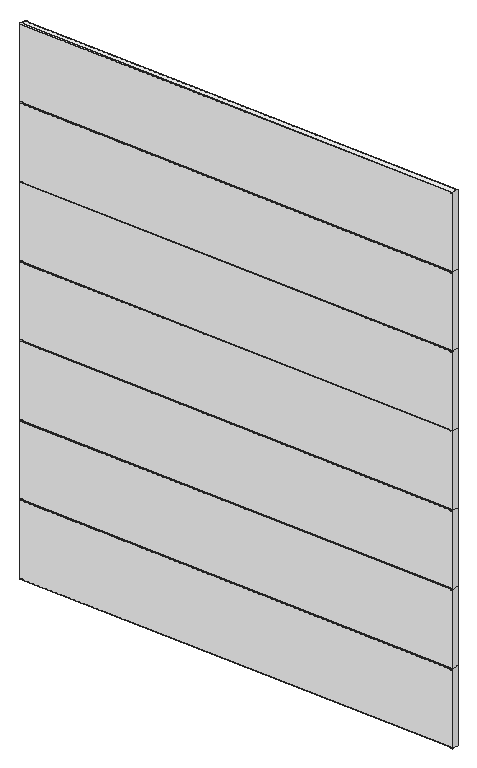
Revit family "3220-1Basic", category Doors, host Wall, Revit 2024
Family settings
  Host = Wall
  OmniClass Number = 23.30.10.17.37.14
  OmniClass Title = Sectional Overhead Doors
  Always vertical = Yes
  Cut with Voids When Loaded = No
  Shared = No
  Room Calculation Point = No
Parameters (values of type "By Type")
  Windload = "Doors available rated for various design pressures; consult Clopay for avaialbility and specifications"
  VisSection6 = NumSections = 6  # no
  VisSection5 = NumSections > 4  # yes
  VisSection4 = NumSections > 3  # yes
  VisSection3 = NumSections > 2  # yes
  VisArray = NumSections > 6  # yes
  URL = "www.clopaydoor.com"
  Track = "Galvanized steel (gauge varies according to door size)"
  Thickness = 0' - 2"  # constant formula
  Spec Wizard = "http://www.arcat.com/specwizard/08360clo/index.htm"
  Section Height = Height / NumSections  # 2' - 0"
  Sales Information = "http://www.clopaydoor.com/where-to-buy.aspx?type=dealer"
  Rough Width = 0' - 0"  # constant formula
  Rough Height = 0' - 0"  # constant formula
  R-Value = "9.1"
  Product Features and Benefits = "http://www.clopaydoor.com/insulated-polystyrene-applications.aspx"
  Overlapping Jamb = yes
  Overlap = if(Overlapping Jamb, 0' 1", 0' 0")  # 0' - 1"
  Opening Width = 12' - 0"
  Opening Height = 14' - 0"
  Omniclass Table = "23-30 10 17 37 "
  NumSectionsNotRounded = Height / 2' 0"  # 7
  NumSections = NumSectionsNotRounded + 0.4999  # 7
  NumArraySections = if(NumSections > 6, NumSections - 5, 2)  # 2
  Model = "3220"
  Maximum Size = "Maximum 28' 2'' wide by 26' 0'' high. Additional limitations may apply do to door weight. Consult Clopay for specificiations and shop drawings."  # constant formula
  Manufacturer Website = "http://www.clopaydoor.com"
  Manufacturer Phone Number = "1-800-526-4301"
  Manufacturer Address = "1400 W. Market St., Troy, OH 45373"
  Manufacturer = "Clopay Building Products Company"
  LEED = "http://products.construction.com/swts_content_files/151607/303186.pdf"
  Keynote = "08 36 13"
  Interior Steel = "28 ga. galvanized, primed, and finish painted"
  Hardware = "14 ga. min. steel hinges; 10-ball steel rollers"
  GreenFormat = "http://www.greenformat.com/products/1541-Polystyrene-Insulated-Doors"
  Function = Interior
  Height = Opening Height + Rough Width * 0  # 14' - 0"
  Wall Closure = By host
  Width = Opening Width + Rough Width * 0  # 12' - 0"
  FloorToSection7 = 6 * Section Height  # 12' - 0"
  FloorToSection6 = 5 * Section Height  # 10' - 0"
  FloorToSection5 = 4 * Section Height  # 8' - 0"
  FloorToSection4 = 3 * Section Height  # 6' - 0"
  FloorToSection3 = 2 * Section Height  # 4' - 0"
  FloorToSection2 = Section Height  # 2' - 0"
  File Revision = "01 (Aug, 2012)"
  Enterior Steel = "20 ga. galvanized, primed, and finish painted"
  Double End Stiles = Door Width > 14' 2"  # no
  Door Width = Opening Width + Overlap * 2  # 12' - 2"
  Door Height = Opening Height + Rough Width * 0  # 14' - 0"
  Description = "2'' thick polystyrene insulated, stucco embossed 20 gauge steel flush exterior."
  Core Material = "Expanded polystyrene"
  Copyright = "2010, Clopay Building Products Company, Inc."
  Color = White
  CAD and Specifications = "http://www.clopaydoor.com/insulated-polystyrene-specs.aspx"
  Assembly Code = "B2030410"
Reference planes (in)
  plane 1 "Center (Front/Back)": y = 0
  plane 2 "Center (Left/Right)": x = 0
  plane 3 "Left": x = -72
  plane 4 "Right": x = 72
  plane 5 "Top": z = 168
  plane 6 "Exterior": y = 3
  plane 7 "Interior": y = -3
  plane 8: z = 120
  plane 9: z = 144
Lines and regions (in)
  Opening 1
    outline origin (-90, -3, 0) x (1, 0, 0) y (0, 0, 1)
      loop
        line (18, 0) -> (162, 0) -> (162, 168) -> (18, 168) -> (18, 0)
Text (in)
  text "Exterior" at (-74.96733, 27.31104, 0), in view "Ref. Level"
  text "Interior" at (-74.96733, -25.14366, 0), in view "Ref. Level"
  text "Exterior" at (0, 40.15149, 123.01588), in view "Right"
  text "Interior" at (0, -64.39139, 123.01588), in view "Right"
  text "Interior" at (0, -31.01599, 123.00693), in view "Left"
  text "Exterior" at (0, 54.57065, 123.00693), in view "Left"
Dimensions and locks (in)
  equal spacing: plane 3 "Left", plane 2 "Center (Left/Right)", plane 4 "Right"
  "Height": level to plane 5 "Top"
  "Width": plane 3 "Left" to plane 4 "Right"
  host wall to plane 5 "Top" = 14' - 0"
  nested 1 to plane 7 "Interior" = 0' - 0 1/2"
  "FloorToSection6": plane 8 to level
  "FloorToSection7": plane 9 to level
  group 1 to group 2 = 0' - 0"  (x2)
  group 1 to group 2 = 2' - 0"
  aligned and locked: plane 3 "Left" to Opening 1 sketch curve
  aligned and locked: plane 5 "Top" to Opening 1 sketch curve  (x2)
  aligned and locked: Opening 1 sketch curve to plane 4 "Right"
  aligned and locked: Opening 1 sketch curve to level
  aligned and locked: plane 6 "Exterior" to host wall
  aligned and locked: host wall to plane 7 "Interior"
  aligned and locked: plane 2 "Center (Left/Right)" to nested 2
  aligned and locked: plane 2 "Center (Left/Right)" to nested 3
  aligned and locked: plane 2 "Center (Left/Right)" to nested 4
  aligned and locked: plane 2 "Center (Left/Right)" to nested 6
  aligned and locked: nested 6 to plane 8
  aligned and locked: nested 7 to plane 9
  aligned and locked: plane 2 "Center (Left/Right)" to nested 8
  aligned and locked: plane 7 "Interior" to nested 2
  aligned and locked: plane 7 "Interior" to nested 3
  aligned and locked: plane 7 "Interior" to nested 4  (x2)
  aligned and locked: plane 7 "Interior" to nested 8  (x2)
  aligned and locked: plane 7 "Interior" to nested 7
  aligned and locked: nested 1 to nested 7
  aligned and locked: nested 1 to nested 6
  aligned and locked: host wall to nested 3
Nested families (in)
  nested 1: "3220 Solid Section" at (0, 0, 0), type "Solid"
  nested 2: "3220 Solid Section" at (0, 0, 24), built-in parameter 1001364 <- "Section Height", type "Solid"
  nested 3: "3220 Solid Section" at (0, 0, 120), built-in parameter 1001364 <- "FloorToSection6", visible <- "VisSection6", type "Solid"
  nested 4: "3220 Solid Section" at (0, 0, 96), built-in parameter 1001364 <- "FloorToSection5", visible <- "VisSection5", type "Solid"
  nested 5: "3220 Solid Section" at (0, 0, 72), built-in parameter 1001364 <- "FloorToSection4", visible <- "VisSection4", type "Solid"
  nested 6: "3220 Solid Section" at (0, 0, 120), visible <- "VisArray", type "Solid"
  nested 7: "3220 Solid Section" at (0, 0, 144), visible <- "VisArray", type "Solid"
  nested 8: "3220 Solid Section" at (0, 0, 48), built-in parameter 1001364 <- "FloorToSection3", type "Solid"
Definition of nested family "3220 Solid Section"
  Parameters
    X9 = if(if(NumArrayedWindows < NumWindows, NumArrayedWindows + 1, NumWindows) < 9, X1, X8 + 3' 8")  # 1' - 5 1/2"
    X8 = if(if(NumArrayedWindows < NumWindows, NumArrayedWindows + 1, NumWindows) < 8, X1, X7 + 3' 8")  # 1' - 5 1/2"
    X7 = if(if(NumArrayedWindows < NumWindows, NumArrayedWindows + 1, NumWindows) < 7, X1, X6 + 3' 8")  # 1' - 5 1/2"
    X6 = if(if(NumArrayedWindows < NumWindows, NumArrayedWindows + 1, NumWindows) < 6, X1, X5 + 3' 8")  # 1' - 5 1/2"
    X5 = if(if(NumArrayedWindows < NumWindows, NumArrayedWindows + 1, NumWindows) < 5, X1, X4 + 3' 8")  # 1' - 5 1/2"
    X4 = if(if(NumArrayedWindows < NumWindows, NumArrayedWindows + 1, NumWindows) < 4, X1, X3 + 3' 8")  # 1' - 5 1/2"
    X3 = if(or(NumWindows < 3, SingleWindowVis), X1, X2 + 3' 8")  # 8' - 9 1/2"
    X2 = if(NumWindows < 2, ((Door Width - (NumWindows - 1) * 3' 8") / 2 - Cutout Width / 2), ((Door Width - (NumWindows - 1) * 3' 8") / 2 - Cutout Width / 2) + 3' 8")  # 5' - 1 1/2"
    WindowCutDepth = if(or(Window Type Index = 1, and(Door Width < 7' 8", Window Type Index = 4), and(Window Type Index = 3, Door Width < 7' 0")), -0' 0 13/128", 0' 2")  # -0' - 0 13/128"
    WindowArrayVis = or(and(Window Type Index = 4, Door Width > 7' 6"), and(Window Type Index = 3, Door Width > 6' 8"), and(not(Window Type Index = 1), not(SingleWindowVis), or(Door Width > 7' 7", Window Type Index < 3)))  # no
    Window Type Index = 1
    SingleWindowVis = and(X2 = X1, NumWindows = 3, or(Window Type Index = 3, Window Type Index = 4))  # no
    Section Height = 2' - 0"
    NumWindows = if(Door Width < 9' 4", 2, if(Door Width < 13' 4", 3, if(Door Width < 16' 4", 4, if(Door Width < 20' 4", 5, if(Door Width < 24' 4", 6, if(Door Width < 26' 4", 7, if(Door Width < 31' 8", 8, 10)))))))  # 3
    NumArrayedWindows = if(X2 = X1, if(NumWindows < 4, 2, NumWindows - 2), NumWindows)  # 3
    Half Section Height = Section Height / 2  # 1' - 0"
    Half Door Width Neg = -Half Door Width  # -6' - 1"
    Half Door Width = Door Width / 2  # 6' - 1"
    Half Cutout Height = Cutout Height / 2  # 0' - 6"
    Function = (empty or 0)
    Height = 0' - 0"
    Wall Closure = (empty or 0)
    Width = 0' - 0"
    X1 = if(if(or(Window Type Index = 3, Window Type Index = 4), if(or(and(Door Width < 11' 0", Door Width > 9' 2"), and(Door Width < 15' 3", Door Width > 13' 2")), X2, (Door Width - (NumWindows - 1) * 3' 8") / 2 - Cutout Width / 2), if(or(and(Door Width > 16' 2", Door Width < 16' 7")), X2, (Door Width - (NumWindows - 1) * 3' 8") / 2 - Cutout Width / 2)) < 0' 1", 0' 1", if(or(Window Type Index = 3, Window Type Index = 4), if(or(and(Door Width < 11' 0", Door Width > 9' 2"), and(Door Width < 15' 3", Door Width > 13' 2")), X2, (Door Width - (NumWindows - 1) * 3' 8") / 2 - Cutout Width / 2), if(or(and(Door Width > 16' 2", Door Width < 16' 7")), X2, (Door Width - (NumWindows - 1) * 3' 8") / 2 - Cutout Width / 2)))  # 1' - 5 1/2"
    Door Width = 12' - 2"
    CutoutToCutout = 1' - 0"
    Cutout Width = if(Window Type Index = 4, 3' 2", if(Window Type Index = 3, 2' 2", 1' 11"))  # 1' - 11"
    Cutout Height = if(Window Type Index = 2, 0' 7", 1' 0")  # 1' - 0"
    Color = none
    Assembly Code = ""
  Reference planes (in)
    plane 1 "Center (Front/Back)": y = 0
    plane 2 "Center (Left/Right)": x = 0
    plane 3 "Exterior": y = 3
    plane 4 "Interior": y = -3
    plane 5: y = -3.5
    plane 6: x = 73
    plane 7: x = -73
    plane 8: z = 24
    plane 9: z = 12
    plane 10: z = 0
  Forms (in)
    Extrusion 1, solid, material <- "Color"
      sketch origin (-73, -12, 83.08252) x (0, 0, 1) y (0, -1, 0)
        loop
          line (-59.08252, -8.37573) -> (-59.08252, -6.62444)
          arc (-59.08252, -6.62444) -> (-59.11897, -6.53645) -> (-59.20696, -6.5) r 0.12444
          line (-59.20696, -6.5) -> (-82.95809, -6.5)
          arc (-82.95809, -6.5) -> (-83.04608, -6.53645) -> (-83.08252, -6.62444) r 0.12444
          line (-83.08252, -6.62444) -> (-83.08252, -8.37573)
          arc (-83.08252, -8.37573) -> (-83.04612, -8.4636) -> (-82.95825, -8.5) r 0.12427
          line (-82.95825, -8.5) -> (-59.20679, -8.5)
          arc (-59.20679, -8.5) -> (-59.11892, -8.4636) -> (-59.08252, -8.37573) r 0.12427
      from 0 to 146 <- "Door Width"
    Extrusion 2, void
      sketch origin (-98.15385, -3.5, 48) x (1, 0, 0) y (0, 0, 1)
        loop
          line (153.65385, -30) -> (130.65385, -30) -> (130.65385, -36) -> (153.65385, -36) -> (153.65385, -30)
      from 0 to -0.10156 <- "WindowCutDepth"
    Extrusion 3, void
      sketch origin (-98.15385, -3.5, -24) x (1, 0, 0) y (0, 0, 1)
        loop
          line (153.65385, 30) -> (153.65385, 36) -> (130.65385, 36) -> (130.65385, 30) -> (153.65385, 30)
      from 0 to -0.10156 <- "WindowCutDepth"
    Extrusion 4, void
      sketch origin (-136.15385, -3.5, 48) x (1, 0, 0) y (0, 0, 1)
        loop
          line (147.65385, -30) -> (124.65385, -30) -> (124.65385, -36) -> (147.65385, -36) -> (147.65385, -30)
      from 0 to -0.10156 <- "WindowCutDepth"
    Extrusion 5, void
      sketch origin (-136.15385, -3.5, -24) x (1, 0, 0) y (0, 0, 1)
        loop
          line (147.65385, 30) -> (147.65385, 36) -> (124.65385, 36) -> (124.65385, 30) -> (147.65385, 30)
      from 0 to -0.10156 <- "WindowCutDepth"
    Extrusion 6, void
      sketch origin (-171.15385, -3.5, 48) x (1, 0, 0) y (0, 0, 1)
        loop
          line (138.65385, -30) -> (115.65385, -30) -> (115.65385, -36) -> (138.65385, -36) -> (138.65385, -30)
      from 0 to -0.10156 <- "WindowCutDepth"
    Extrusion 7, void
      sketch origin (-171.15385, -3.5, -24) x (1, 0, 0) y (0, 0, 1)
        loop
          line (138.65385, 30) -> (138.65385, 36) -> (115.65385, 36) -> (115.65385, 30) -> (138.65385, 30)
      from 0 to -0.10156 <- "WindowCutDepth"
    Extrusion 8, void
      sketch origin (-214.15385, -3.5, 48) x (1, 0, 0) y (0, 0, 1)
        loop
          line (269.65385, -30) -> (246.65385, -30) -> (246.65385, -36) -> (269.65385, -36) -> (269.65385, -30)
      from 0 to -0.10156 <- "WindowCutDepth"
    Extrusion 9, void
      sketch origin (-214.15385, -3.5, -24) x (1, 0, 0) y (0, 0, 1)
        loop
          line (269.65385, 30) -> (269.65385, 36) -> (246.65385, 36) -> (246.65385, 30) -> (269.65385, 30)
      from 0 to -0.10156 <- "WindowCutDepth"
    Extrusion 10, void
      sketch origin (-256.15385, -3.5, 48) x (1, 0, 0) y (0, 0, 1)
        loop
          line (311.65385, -30) -> (288.65385, -30) -> (288.65385, -36) -> (311.65385, -36) -> (311.65385, -30)
      from 0 to -0.10156 <- "WindowCutDepth"
    Extrusion 11, void
      sketch origin (-256.15385, -3.5, -24) x (1, 0, 0) y (0, 0, 1)
        loop
          line (311.65385, 30) -> (311.65385, 36) -> (288.65385, 36) -> (288.65385, 30) -> (311.65385, 30)
      from 0 to -0.10156 <- "WindowCutDepth"
    Extrusion 12, void
      sketch origin (-294.15385, -3.5, 48) x (1, 0, 0) y (0, 0, 1)
        loop
          line (349.65385, -30) -> (326.65385, -30) -> (326.65385, -36) -> (349.65385, -36) -> (349.65385, -30)
      from 0 to -0.10156 <- "WindowCutDepth"
    Extrusion 13, void
      sketch origin (-294.15385, -3.5, -24) x (1, 0, 0) y (0, 0, 1)
        loop
          line (349.65385, 30) -> (349.65385, 36) -> (326.65385, 36) -> (326.65385, 30) -> (349.65385, 30)
      from 0 to -0.10156 <- "WindowCutDepth"
    Extrusion 14, void
      sketch origin (-331.15385, -3.5, 48) x (1, 0, 0) y (0, 0, 1)
        loop
          line (386.65385, -30) -> (363.65385, -30) -> (363.65385, -36) -> (386.65385, -36) -> (386.65385, -30)
      from 0 to -0.10156 <- "WindowCutDepth"
    Extrusion 15, void
      sketch origin (-331.15385, -3.5, -24) x (1, 0, 0) y (0, 0, 1)
        loop
          line (386.65385, 30) -> (386.65385, 36) -> (363.65385, 36) -> (363.65385, 30) -> (386.65385, 30)
      from 0 to -0.10156 <- "WindowCutDepth"
    Extrusion 16, void
      sketch origin (-368.15385, -3.5, 48) x (1, 0, 0) y (0, 0, 1)
        loop
          line (423.65385, -30) -> (400.65385, -30) -> (400.65385, -36) -> (423.65385, -36) -> (423.65385, -30)
      from 0 to -0.10156 <- "WindowCutDepth"
    Extrusion 17, void
      sketch origin (-368.15385, -3.5, -24) x (1, 0, 0) y (0, 0, 1)
        loop
          line (423.65385, 30) -> (423.65385, 36) -> (400.65385, 36) -> (400.65385, 30) -> (423.65385, 30)
      from 0 to -0.10156 <- "WindowCutDepth"
    Extrusion 18, void
      sketch origin (-407.15385, -3.5, 48) x (1, 0, 0) y (0, 0, 1)
        loop
          line (462.65385, -30) -> (439.65385, -30) -> (439.65385, -36) -> (462.65385, -36) -> (462.65385, -30)
      from 0 to -0.10156 <- "WindowCutDepth"
    Extrusion 19, void
      sketch origin (-407.15385, -3.5, -24) x (1, 0, 0) y (0, 0, 1)
        loop
          line (462.65385, 30) -> (462.65385, 36) -> (439.65385, 36) -> (439.65385, 30) -> (462.65385, 30)
      from 0 to -0.10156 <- "WindowCutDepth"
  Cuts and joins
    Extrusion 2, Extrusion 3, Extrusion 4, Extrusion 5, Extrusion 6, Extrusion 7, Extrusion 8, Extrusion 9, Extrusion 10, Extrusion 11, Extrusion 12, Extrusion 13, Extrusion 14, Extrusion 15, Extrusion 16, Extrusion 17, Extrusion 18, Extrusion 19 cuts Extrusion 1
  Text (in)
    text "Exterior" at (-74.96733, 27.31104, 0), in view "Ref. Level"
    text "Interior" at (-74.96733, -25.14366, 0), in view "Ref. Level"
    text "Exterior" at (0, 40.15149, 123.01588), in view "Right"
    text "Interior" at (0, -64.39139, 123.01588), in view "Right"
    text "Interior" at (0, -31.01599, 123.00693), in view "Left"
    text "Exterior" at (0, 54.57065, 123.00693), in view "Left"
  Dimensions and locks (in)
    plane 4 "Interior" to plane 5 = 0' - 0 1/2"
    "Half Door Width": plane 2 "Center (Left/Right)" to plane 7
    "Half Door Width": plane 6 to plane 2 "Center (Left/Right)"
    Extrusion 1 sketch curve to Extrusion 1 sketch curve = 0' - 2"
    "Section Height": plane 8 to level
    "Half Section Height": level to plane 9
    "Cutout Width": Extrusion 2 sketch curve to Extrusion 2 sketch curve
    "Half Cutout Height": Extrusion 2 sketch curve to Extrusion 2 sketch curve
    "Cutout Width": Extrusion 3 sketch curve to Extrusion 3 sketch curve
    "Half Cutout Height": Extrusion 3 sketch curve to Extrusion 3 sketch curve
    "X1": cut or joined group 1 (Extrusion 1, Extrusion 2, Extrusion 3, Extrusion 4, Extrusion 5, Extrusion 6, Extrusion 7, Extrusion 8, Extrusion 9, Extrusion 10, Extrusion 11, Extrusion 12, Extrusion 13, Extrusion 14, Extrusion 15, Extrusion 16, Extrusion 17, Extrusion 18, Extrusion 19) to cut or joined group 1
    "Cutout Width": Extrusion 4 sketch curve to Extrusion 4 sketch curve
    "Half Cutout Height": Extrusion 4 sketch curve to Extrusion 4 sketch curve
    "Cutout Width": Extrusion 5 sketch curve to Extrusion 5 sketch curve
    "Half Cutout Height": Extrusion 5 sketch curve to Extrusion 5 sketch curve
    "Cutout Width": Extrusion 6 sketch curve to Extrusion 6 sketch curve
    "Half Cutout Height": Extrusion 6 sketch curve to Extrusion 6 sketch curve
    "Cutout Width": Extrusion 7 sketch curve to Extrusion 7 sketch curve
    "Half Cutout Height": Extrusion 7 sketch curve to Extrusion 7 sketch curve
    "X2": plane 6 to cut or joined group 1
    "X3": plane 6 to cut or joined group 1
    "Cutout Width": Extrusion 8 sketch curve to Extrusion 8 sketch curve
    "Half Cutout Height": Extrusion 8 sketch curve to Extrusion 8 sketch curve
    "Cutout Width": Extrusion 9 sketch curve to Extrusion 9 sketch curve
    "Half Cutout Height": Extrusion 9 sketch curve to Extrusion 9 sketch curve
    "Cutout Width": Extrusion 10 sketch curve to Extrusion 10 sketch curve
    "Half Cutout Height": Extrusion 10 sketch curve to Extrusion 10 sketch curve
    "Cutout Width": Extrusion 11 sketch curve to Extrusion 11 sketch curve
    "Half Cutout Height": Extrusion 11 sketch curve to Extrusion 11 sketch curve
    "Cutout Width": Extrusion 12 sketch curve to Extrusion 12 sketch curve
    "Half Cutout Height": Extrusion 12 sketch curve to Extrusion 12 sketch curve
    "Cutout Width": Extrusion 13 sketch curve to Extrusion 13 sketch curve
    "Half Cutout Height": Extrusion 13 sketch curve to Extrusion 13 sketch curve
    "Cutout Width": Extrusion 14 sketch curve to Extrusion 14 sketch curve
    "Half Cutout Height": Extrusion 14 sketch curve to Extrusion 14 sketch curve
    "Cutout Width": Extrusion 15 sketch curve to Extrusion 15 sketch curve
    "Half Cutout Height": Extrusion 15 sketch curve to Extrusion 15 sketch curve
    "Cutout Width": Extrusion 16 sketch curve to Extrusion 16 sketch curve
    "Half Cutout Height": Extrusion 16 sketch curve to Extrusion 16 sketch curve
    "Cutout Width": Extrusion 17 sketch curve to Extrusion 17 sketch curve
    "Half Cutout Height": Extrusion 17 sketch curve to Extrusion 17 sketch curve
    "Cutout Width": Extrusion 18 sketch curve to Extrusion 18 sketch curve
    "Half Cutout Height": Extrusion 18 sketch curve to Extrusion 18 sketch curve
    "Cutout Width": Extrusion 19 sketch curve to Extrusion 19 sketch curve
    "Half Cutout Height": Extrusion 19 sketch curve to Extrusion 19 sketch curve
    "X4": plane 6 to cut or joined group 1
    "X5": plane 6 to cut or joined group 1
    "X6": plane 6 to cut or joined group 1
    "X7": plane 6 to cut or joined group 1
    "X8": plane 6 to cut or joined group 1
    "X9": plane 6 to cut or joined group 1
    locked: plane 5 to plane 4 "Interior" at 0.5
    radius of Extrusion 1 sketch curve = 0' - 0.12427"  (x2)
    radius of Extrusion 1 sketch curve = 0' - 0.12444"  (x2)
    aligned and locked: Extrusion 1 sketch curve to plane 5
    aligned and locked: Extrusion 2 sketch curve to plane 9
    aligned and locked: plane 9 to Extrusion 3 sketch curve
    aligned and locked: cut or joined group 1 to cut or joined group 1  (x9)
    aligned and locked: plane 10 to level
  Automatic sketch dimensions
    Extrusion 1 sketch curve to level = 0' - 0"
    Extrusion 1 sketch curve to plane 8 = 0' - 0"
    plane 2 "Center (Left/Right)" to Extrusion 2 sketch curve = 2' - 8 1/2"
    plane 2 "Center (Left/Right)" to Extrusion 3 sketch curve = 2' - 8 1/2"
    Extrusion 4 sketch curve to plane 9 = 0' - 0"
    Extrusion 4 sketch curve to plane 2 "Center (Left/Right)" = 0' - 11 1/2"
    Extrusion 5 sketch curve to plane 9 = 0' - 0"
    Extrusion 5 sketch curve to plane 2 "Center (Left/Right)" = 0' - 11 1/2"
    Extrusion 6 sketch curve to plane 9 = 0' - 0"
    Extrusion 6 sketch curve to plane 2 "Center (Left/Right)" = 4' - 7 1/2"
    Extrusion 7 sketch curve to plane 9 = 0' - 0"
    Extrusion 7 sketch curve to plane 2 "Center (Left/Right)" = 4' - 7 1/2"
    Extrusion 8 sketch curve to plane 9 = 0' - 0"
    plane 2 "Center (Left/Right)" to Extrusion 8 sketch curve = 2' - 8 1/2"
    Extrusion 9 sketch curve to plane 9 = 0' - 0"
    plane 2 "Center (Left/Right)" to Extrusion 9 sketch curve = 2' - 8 1/2"
    Extrusion 10 sketch curve to plane 9 = 0' - 0"
    plane 2 "Center (Left/Right)" to Extrusion 10 sketch curve = 2' - 8 1/2"
    Extrusion 11 sketch curve to plane 9 = 0' - 0"
    plane 2 "Center (Left/Right)" to Extrusion 11 sketch curve = 2' - 8 1/2"
    Extrusion 12 sketch curve to plane 9 = 0' - 0"
    plane 2 "Center (Left/Right)" to Extrusion 12 sketch curve = 2' - 8 1/2"
    Extrusion 13 sketch curve to plane 9 = 0' - 0"
    plane 2 "Center (Left/Right)" to Extrusion 13 sketch curve = 2' - 8 1/2"
    Extrusion 14 sketch curve to plane 9 = 0' - 0"
    plane 2 "Center (Left/Right)" to Extrusion 14 sketch curve = 2' - 8 1/2"
    Extrusion 15 sketch curve to plane 9 = 0' - 0"
    plane 2 "Center (Left/Right)" to Extrusion 15 sketch curve = 2' - 8 1/2"
    Extrusion 16 sketch curve to plane 9 = 0' - 0"
    plane 2 "Center (Left/Right)" to Extrusion 16 sketch curve = 2' - 8 1/2"
    Extrusion 17 sketch curve to plane 9 = 0' - 0"
    plane 2 "Center (Left/Right)" to Extrusion 17 sketch curve = 2' - 8 1/2"
    Extrusion 18 sketch curve to plane 9 = 0' - 0"
    plane 2 "Center (Left/Right)" to Extrusion 18 sketch curve = 2' - 8 1/2"
    Extrusion 19 sketch curve to plane 9 = 0' - 0"
    plane 2 "Center (Left/Right)" to Extrusion 19 sketch curve = 2' - 8 1/2"
